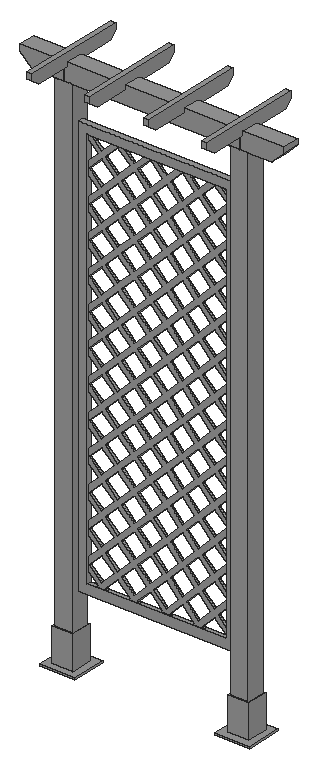
Revit family "14127 Шпалера «Ромб» Хоббика", category Антураж, Revit 2018
Family settings
  На основе рабочей плоскости = Нет
  Всегда вертикально = Да
  При загрузке вырезать с полостями = Нет
  Источник визуального образа = Геометрия семейства
  Общий = Нет
  Точка расчета площади = Нет
Parameters (values of type "Не окрашеная версия")
  Ширина = 600 mm  # constant formula
  Центральная перемычка [instance] = yes
  Цвет каркаса = Дерево
  Цвет закладных = Стель
  Правая оконцовка [instance] = yes
  Описание = if(Окрашивание, "Шпалера «Ромб». Окрашеная версия", "Шпалера «Ромб». Не окрашеная версия")  # "Шпалера «Ромб». Не окрашеная версия"
  Окрашивание = no
  Материал изделия = "Сталь, дерево"  # constant formula
  Левая оконцовка [instance] = yes
  Изображение типоразмера = Шпалера «Ромб» Арт 14127.jpg
  Изготовитель = "ООО «Хоббика»"  # constant formula
  Длина = 1000 mm  # constant formula
  Группа модели = "Перголы"  # constant formula
  Высота = 3150 mm  # constant formula
  Артикул товара = "Арт. 14127"  # constant formula
  URL = "https://hobbyka.ru/product/shpalera_romb/"
Types (3, lengths in mm): name | Цвет каркаса | Описание | Окрашивание
  (no name) | Дерево | "Шпалера «Ромб». Не окрашеная версия" | no
  Окрашеная версия | Покраска | "Шпалера «Ромб». Окрашеная версия" | yes
  Не окрашеная версия | Дерево | "Шпалера «Ромб». Не окрашеная версия" | no
Reference planes
  plane 1 "По центру (Вперед/Назад)": y = 0
  plane 2: z = 0
  plane 3 "По центру (Влево/Вправо)": x = 0
  plane 4: x = 1000
  plane 5: y = 300
  plane 6: y = -300
  plane 7: z = 3150
Forms (mm)
  Extrusion 1, solid, material "Дерево" <- "Цвет каркаса"
    sketch origin (0, 0, 0) x (1, 0, 0) y (0, 1, 0)
      loop
        line (-50, 50) -> (-50, -50) -> (50, -50) -> (50, 50) -> (-50, 50)
      loop
        line (950, 50) -> (950, -50) -> (1050, -50) -> (1050, 50) -> (950, 50)
    from 0 to 3000
  Sweep 2, solid, material "Стель" <- "Цвет закладных"
    path origin (0, 0, 0) x (1, 0, 0) y (0, 1, 0)
      loop
        line (-50, 50) -> (-50, -50) -> (50, -50) -> (50, 50) -> (-50, 50)
    profile origin (0, 50, 0) x (0, 1, 0) y (0, 0, 1)
      loop
        line (0, 0) -> (50, 0) -> (50, 10) -> (10, 10) -> (10, 200) -> (0, 200) -> (0, 0)
  Sweep 3, solid, material "Стель" <- "Цвет закладных"
    path origin (1000, 0, 0) x (1, 0, 0) y (0, 1, 0)
      loop
        line (-50, 50) -> (-50, -50) -> (50, -50) -> (50, 50) -> (-50, 50)
    profile origin (1000, 50, 0) x (0, 1, 0) y (0, 0, 1)
      loop
        line (0, 0) -> (50, 0) -> (50, 10) -> (10, 10) -> (10, 200) -> (0, 200) -> (0, 0)
  Extrusion 4, solid, material "Дерево" <- "Цвет каркаса", visible <- "Центральная перемычка"
    sketch origin (0, 0, -50) x (1, 0, 0) y (0, 0, 1)
      loop
        line (0, 3050) -> (1000, 3050) -> (1000, 3150) -> (0, 3150) -> (0, 3050)
    from -50 to 50
  Extrusion 5, solid, material "Дерево" <- "Цвет каркаса", visible <- "Центральная перемычка"
    sketch origin (0, 0, 0) x (0, 1, 0) y (0, 0, 1)
      loop
        line (300, 3150) -> (-300, 3150) -> (-300, 3112.5) -> (-246.444, 3075) -> (262.5, 3075) -> (300, 3112.5) -> (300, 3150)
    from 318.333 to 348.333
  Extrusion 6, solid, material "Дерево" <- "Цвет каркаса", visible <- "Центральная перемычка"
    sketch origin (0, 0, 0) x (0, 1, 0) y (0, 0, 1)
      loop
        line (300, 3150) -> (-300, 3150) -> (-300, 3112.5) -> (-246.444, 3075) -> (262.5, 3075) -> (300, 3112.5) -> (300, 3150)
    from 651.667 to 681.667
  Extrusion 7, solid, material "Дерево" <- "Цвет каркаса", visible <- "Центральная перемычка"
    sketch origin (0, 0, 0) x (0, 1, 0) y (0, 0, 1)
      loop
        line (300, 3150) -> (-300, 3150) -> (-300, 3112.5) -> (-246.444, 3075) -> (262.5, 3075) -> (300, 3112.5) -> (300, 3150)
    from -15 to 15
  Extrusion 8, solid, material "Дерево" <- "Цвет каркаса", visible <- "Центральная перемычка"
    sketch origin (0, 0, 0) x (0, 1, 0) y (0, 0, 1)
      loop
        line (300, 3150) -> (-300, 3150) -> (-300, 3112.5) -> (-246.444, 3075) -> (262.5, 3075) -> (300, 3112.5) -> (300, 3150)
    from 985 to 1015
  Extrusion 9, solid, material "Дерево" <- "Цвет каркаса", visible <- "Левая оконцовка"
    sketch origin (-1000, 0, -50) x (1, 0, 0) y (0, 0, 1)
      loop
        line (750, 3116.667) -> (816.667, 3050) -> (1000, 3050) -> (1000, 3150) -> (750, 3150) -> (750, 3116.667)
    from -50 to 50
  Extrusion 10, solid, material "Дерево" <- "Цвет каркаса", visible <- "Правая оконцовка"
    sketch origin (1000, 0, -50) x (1, 0, 0) y (0, 0, 1)
      loop
        line (0, 3050) -> (183.333, 3050) -> (250, 3116.667) -> (250, 3150) -> (0, 3150) -> (0, 3050)
    from -50 to 50
  Extrusion 11, solid, material "Дерево" <- "Цвет каркаса"
    sketch origin (0, 0, 0) x (1, 0, 0) y (0, 0, 1)
      loop
        line (50, 2800) -> (50, 400) -> (950, 400) -> (950, 2800) -> (50, 2800)
      loop
        line (100, 2750) -> (100, 450) -> (900, 450) -> (900, 2750) -> (100, 2750)
    from 15 to -15
  Extrusion 12, solid, material "Дерево" <- "Цвет каркаса"
    sketch origin (-4790, 0, 0) x (1, 0, 0) y (0, 0, 1)
      loop
        line (4890, 2750) -> (4890, 2723.787) -> (4949.497, 2664.289) -> (4890, 2604.792) -> (4890, 2539.939) -> (4949.497, 2480.442) -> (4890, 2420.944) -> (4890, 2356.091) -> (4949.497, 2296.594) -> (4890, 2237.096) -> (4890, 2172.244) -> (4949.497, 2112.746) -> (4890, 2053.249) -> (4890, 1988.396) -> (4949.497, 1928.898) -> (4890, 1869.401) -> (4890, 1804.548) -> (4949.497, 1745.051) -> (4890, 1685.553) -> (4890, 1620.7) -> (4949.497, 1561.203) -> (4890, 1501.705) -> (4890, 1436.852) -> (4949.497, 1377.355) -> (4890, 1317.858) -> (4890, 1253.005) -> (4949.497, 1193.507) -> (4890, 1134.01) -> (4890, 1069.157) -> (4949.497, 1009.659) -> (4890, 950.162) -> (4890, 885.309) -> (4949.497, 825.812) -> (4890, 766.314) -> (4890, 701.461) -> (4949.497, 641.964) -> (4890, 582.466) -> (4890, 517.614) -> (4949.497, 458.116) -> (4941.381, 450) -> (5000.04, 450) -> (4991.924, 458.116) -> (5062.635, 528.827) -> (5133.345, 458.116) -> (5125.229, 450) -> (5183.888, 450) -> (5175.772, 458.116) -> (5246.482, 528.827) -> (5317.193, 458.116) -> (5309.077, 450) -> (5367.736, 450) -> (5359.619, 458.116) -> (5430.33, 528.827) -> (5501.041, 458.116) -> (5492.925, 450) -> (5551.583, 450) -> (5543.467, 458.116) -> (5614.178, 528.827) -> (5684.889, 458.116) -> (5676.772, 450) -> (5690, 450) -> (5690, 495.431) -> (5635.391, 550.04) -> (5690, 604.649) -> (5690, 679.279) -> (5635.391, 733.888) -> (5690, 788.497) -> (5690, 863.127) -> (5635.391, 917.736) -> (5690, 972.345) -> (5690, 1046.974) -> (5635.391, 1101.583) -> (5690, 1156.192) -> (5690, 1230.822) -> (5635.391, 1285.431) -> (5690, 1340.04) -> (5690, 1414.67) -> (5635.391, 1469.279) -> (5690, 1523.888) -> (5690, 1598.518) -> (5635.391, 1653.127) -> (5690, 1707.736) -> (5690, 1782.365) -> (5635.391, 1836.974) -> (5690, 1891.583) -> (5690, 1966.213) -> (5635.391, 2020.822) -> (5690, 2075.431) -> (5690, 2150.061) -> (5635.391, 2204.67) -> (5690, 2259.279) -> (5690, 2333.909) -> (5635.391, 2388.518) -> (5690, 2443.127) -> (5690, 2517.756) -> (5635.391, 2572.365) -> (5690, 2626.974) -> (5690, 2701.604) -> (5641.604, 2750) -> (5586.751, 2750) -> (5522.254, 2685.503) -> (5457.756, 2750) -> (5402.904, 2750) -> (5338.406, 2685.503) -> (5273.909, 2750) -> (5219.056, 2750) -> (5154.558, 2685.503) -> (5090.061, 2750) -> (5035.208, 2750) -> (4970.711, 2685.503) -> (4906.213, 2750) -> (4890, 2750)
      loop
        line (4991.924, 2664.289) -> (5062.635, 2593.579) -> (5133.345, 2664.289) -> (5062.635, 2735) -> (4991.924, 2664.289)
      loop
        line (5175.772, 2664.289) -> (5246.482, 2593.579) -> (5317.193, 2664.289) -> (5246.482, 2735) -> (5175.772, 2664.289)
      loop
        line (5359.619, 2664.289) -> (5430.33, 2593.579) -> (5501.041, 2664.289) -> (5430.33, 2735) -> (5359.619, 2664.289)
      loop
        line (5543.467, 2664.289) -> (5614.178, 2593.579) -> (5684.889, 2664.289) -> (5614.178, 2735) -> (5543.467, 2664.289)
      loop
        line (5451.543, 2572.365) -> (5522.254, 2501.655) -> (5592.965, 2572.365) -> (5522.254, 2643.076) -> (5451.543, 2572.365)
      loop
        line (5267.696, 2572.365) -> (5338.406, 2501.655) -> (5409.117, 2572.365) -> (5338.406, 2643.076) -> (5267.696, 2572.365)
      loop
        line (5083.848, 2572.365) -> (5154.558, 2501.655) -> (5225.269, 2572.365) -> (5154.558, 2643.076) -> (5083.848, 2572.365)
      loop
        line (4900, 2572.365) -> (4970.711, 2501.655) -> (5041.421, 2572.365) -> (4970.711, 2643.076) -> (4900, 2572.365)
      loop
        line (4991.924, 2480.442) -> (5062.635, 2409.731) -> (5133.345, 2480.442) -> (5062.635, 2551.152) -> (4991.924, 2480.442)
      loop
        line (5175.772, 2480.442) -> (5246.482, 2409.731) -> (5317.193, 2480.442) -> (5246.482, 2551.152) -> (5175.772, 2480.442)
      loop
        line (5359.619, 2480.442) -> (5430.33, 2409.731) -> (5501.041, 2480.442) -> (5430.33, 2551.152) -> (5359.619, 2480.442)
      loop
        line (5543.467, 2480.442) -> (5614.178, 2409.731) -> (5684.889, 2480.442) -> (5614.178, 2551.152) -> (5543.467, 2480.442)
      loop
        line (5451.543, 2388.518) -> (5522.254, 2317.807) -> (5592.965, 2388.518) -> (5522.254, 2459.228) -> (5451.543, 2388.518)
      loop
        line (5267.696, 2388.518) -> (5338.406, 2317.807) -> (5409.117, 2388.518) -> (5338.406, 2459.228) -> (5267.696, 2388.518)
      loop
        line (5083.848, 2388.518) -> (5154.558, 2317.807) -> (5225.269, 2388.518) -> (5154.558, 2459.228) -> (5083.848, 2388.518)
      loop
        line (4900, 2388.518) -> (4970.711, 2317.807) -> (5041.421, 2388.518) -> (4970.711, 2459.228) -> (4900, 2388.518)
      loop
        line (4991.924, 2296.594) -> (5062.635, 2225.883) -> (5133.345, 2296.594) -> (5062.635, 2367.304) -> (4991.924, 2296.594)
      loop
        line (5175.772, 2296.594) -> (5246.482, 2225.883) -> (5317.193, 2296.594) -> (5246.482, 2367.304) -> (5175.772, 2296.594)
      loop
        line (5359.619, 2296.594) -> (5430.33, 2225.883) -> (5501.041, 2296.594) -> (5430.33, 2367.304) -> (5359.619, 2296.594)
      loop
        line (5543.467, 2296.594) -> (5614.178, 2225.883) -> (5684.889, 2296.594) -> (5614.178, 2367.304) -> (5543.467, 2296.594)
      loop
        line (5451.543, 2204.67) -> (5522.254, 2133.959) -> (5592.965, 2204.67) -> (5522.254, 2275.381) -> (5451.543, 2204.67)
      loop
        line (5267.696, 2204.67) -> (5338.406, 2133.959) -> (5409.117, 2204.67) -> (5338.406, 2275.381) -> (5267.696, 2204.67)
      loop
        line (5083.848, 2204.67) -> (5154.558, 2133.959) -> (5225.269, 2204.67) -> (5154.558, 2275.381) -> (5083.848, 2204.67)
      loop
        line (4900, 2204.67) -> (4970.711, 2133.959) -> (5041.421, 2204.67) -> (4970.711, 2275.381) -> (4900, 2204.67)
      loop
        line (4991.924, 2112.746) -> (5062.635, 2042.035) -> (5133.345, 2112.746) -> (5062.635, 2183.457) -> (4991.924, 2112.746)
      loop
        line (5175.772, 2112.746) -> (5246.482, 2042.035) -> (5317.193, 2112.746) -> (5246.482, 2183.457) -> (5175.772, 2112.746)
      loop
        line (5359.619, 2112.746) -> (5430.33, 2042.035) -> (5501.041, 2112.746) -> (5430.33, 2183.457) -> (5359.619, 2112.746)
      loop
        line (5543.467, 2112.746) -> (5614.178, 2042.035) -> (5684.889, 2112.746) -> (5614.178, 2183.457) -> (5543.467, 2112.746)
      loop
        line (5451.543, 2020.822) -> (5522.254, 1950.111) -> (5592.965, 2020.822) -> (5522.254, 2091.533) -> (5451.543, 2020.822)
      loop
        line (5267.696, 2020.822) -> (5338.406, 1950.111) -> (5409.117, 2020.822) -> (5338.406, 2091.533) -> (5267.696, 2020.822)
      loop
        line (5083.848, 2020.822) -> (5154.558, 1950.111) -> (5225.269, 2020.822) -> (5154.558, 2091.533) -> (5083.848, 2020.822)
      loop
        line (4900, 2020.822) -> (4970.711, 1950.111) -> (5041.421, 2020.822) -> (4970.711, 2091.533) -> (4900, 2020.822)
      loop
        line (4991.924, 1928.898) -> (5062.635, 1858.188) -> (5133.345, 1928.898) -> (5062.635, 1999.609) -> (4991.924, 1928.898)
      loop
        line (5175.772, 1928.898) -> (5246.482, 1858.188) -> (5317.193, 1928.898) -> (5246.482, 1999.609) -> (5175.772, 1928.898)
      loop
        line (5359.619, 1928.898) -> (5430.33, 1858.188) -> (5501.041, 1928.898) -> (5430.33, 1999.609) -> (5359.619, 1928.898)
      loop
        line (5543.467, 1928.898) -> (5614.178, 1858.188) -> (5684.889, 1928.898) -> (5614.178, 1999.609) -> (5543.467, 1928.898)
      loop
        line (5451.543, 1836.974) -> (5522.254, 1766.264) -> (5592.965, 1836.974) -> (5522.254, 1907.685) -> (5451.543, 1836.974)
      loop
        line (5267.696, 1836.974) -> (5338.406, 1766.264) -> (5409.117, 1836.974) -> (5338.406, 1907.685) -> (5267.696, 1836.974)
      loop
        line (5083.848, 1836.974) -> (5154.558, 1766.264) -> (5225.269, 1836.974) -> (5154.558, 1907.685) -> (5083.848, 1836.974)
      loop
        line (4900, 1836.974) -> (4970.711, 1766.264) -> (5041.421, 1836.974) -> (4970.711, 1907.685) -> (4900, 1836.974)
      loop
        line (4991.924, 1745.051) -> (5062.635, 1674.34) -> (5133.345, 1745.051) -> (5062.635, 1815.761) -> (4991.924, 1745.051)
      loop
        line (5175.772, 1745.051) -> (5246.482, 1674.34) -> (5317.193, 1745.051) -> (5246.482, 1815.761) -> (5175.772, 1745.051)
      loop
        line (5359.619, 1745.051) -> (5430.33, 1674.34) -> (5501.041, 1745.051) -> (5430.33, 1815.761) -> (5359.619, 1745.051)
      loop
        line (5543.467, 1745.051) -> (5614.178, 1674.34) -> (5684.889, 1745.051) -> (5614.178, 1815.761) -> (5543.467, 1745.051)
      loop
        line (5451.543, 1653.127) -> (5522.254, 1582.416) -> (5592.965, 1653.127) -> (5522.254, 1723.837) -> (5451.543, 1653.127)
      loop
        line (5267.696, 1653.127) -> (5338.406, 1582.416) -> (5409.117, 1653.127) -> (5338.406, 1723.837) -> (5267.696, 1653.127)
      loop
        line (5083.848, 1653.127) -> (5154.558, 1582.416) -> (5225.269, 1653.127) -> (5154.558, 1723.837) -> (5083.848, 1653.127)
      loop
        line (4900, 1653.127) -> (4970.711, 1582.416) -> (5041.421, 1653.127) -> (4970.711, 1723.837) -> (4900, 1653.127)
      loop
        line (4991.924, 1561.203) -> (5062.635, 1490.492) -> (5133.345, 1561.203) -> (5062.635, 1631.913) -> (4991.924, 1561.203)
      loop
        line (5175.772, 1561.203) -> (5246.482, 1490.492) -> (5317.193, 1561.203) -> (5246.482, 1631.913) -> (5175.772, 1561.203)
      loop
        line (5359.619, 1561.203) -> (5430.33, 1490.492) -> (5501.041, 1561.203) -> (5430.33, 1631.913) -> (5359.619, 1561.203)
      loop
        line (5543.467, 1561.203) -> (5614.178, 1490.492) -> (5684.889, 1561.203) -> (5614.178, 1631.913) -> (5543.467, 1561.203)
      loop
        line (5451.543, 1469.279) -> (5522.254, 1398.568) -> (5592.965, 1469.279) -> (5522.254, 1539.99) -> (5451.543, 1469.279)
      loop
        line (5267.696, 1469.279) -> (5338.406, 1398.568) -> (5409.117, 1469.279) -> (5338.406, 1539.99) -> (5267.696, 1469.279)
      loop
        line (5083.848, 1469.279) -> (5154.558, 1398.568) -> (5225.269, 1469.279) -> (5154.558, 1539.99) -> (5083.848, 1469.279)
      loop
        line (4900, 1469.279) -> (4970.711, 1398.568) -> (5041.421, 1469.279) -> (4970.711, 1539.99) -> (4900, 1469.279)
      loop
        line (4991.924, 1377.355) -> (5062.635, 1306.644) -> (5133.345, 1377.355) -> (5062.635, 1448.066) -> (4991.924, 1377.355)
      loop
        line (5175.772, 1377.355) -> (5246.482, 1306.644) -> (5317.193, 1377.355) -> (5246.482, 1448.066) -> (5175.772, 1377.355)
      loop
        line (5359.619, 1377.355) -> (5430.33, 1306.644) -> (5501.041, 1377.355) -> (5430.33, 1448.066) -> (5359.619, 1377.355)
      loop
        line (5543.467, 1377.355) -> (5614.178, 1306.644) -> (5684.889, 1377.355) -> (5614.178, 1448.066) -> (5543.467, 1377.355)
      loop
        line (5451.543, 1285.431) -> (5522.254, 1214.72) -> (5592.965, 1285.431) -> (5522.254, 1356.142) -> (5451.543, 1285.431)
      loop
        line (5267.696, 1285.431) -> (5338.406, 1214.72) -> (5409.117, 1285.431) -> (5338.406, 1356.142) -> (5267.696, 1285.431)
      loop
        line (5083.848, 1285.431) -> (5154.558, 1214.72) -> (5225.269, 1285.431) -> (5154.558, 1356.142) -> (5083.848, 1285.431)
      loop
        line (4900, 1285.431) -> (4970.711, 1214.72) -> (5041.421, 1285.431) -> (4970.711, 1356.142) -> (4900, 1285.431)
      loop
        line (4991.924, 1193.507) -> (5062.635, 1122.797) -> (5133.345, 1193.507) -> (5062.635, 1264.218) -> (4991.924, 1193.507)
      loop
        line (5175.772, 1193.507) -> (5246.482, 1122.797) -> (5317.193, 1193.507) -> (5246.482, 1264.218) -> (5175.772, 1193.507)
      loop
        line (5359.619, 1193.507) -> (5430.33, 1122.797) -> (5501.041, 1193.507) -> (5430.33, 1264.218) -> (5359.619, 1193.507)
      loop
        line (5543.467, 1193.507) -> (5614.178, 1122.797) -> (5684.889, 1193.507) -> (5614.178, 1264.218) -> (5543.467, 1193.507)
      loop
        line (5451.543, 1101.583) -> (5522.254, 1030.873) -> (5592.965, 1101.583) -> (5522.254, 1172.294) -> (5451.543, 1101.583)
      loop
        line (5267.696, 1101.583) -> (5338.406, 1030.873) -> (5409.117, 1101.583) -> (5338.406, 1172.294) -> (5267.696, 1101.583)
      loop
        line (5083.848, 1101.583) -> (5154.558, 1030.873) -> (5225.269, 1101.583) -> (5154.558, 1172.294) -> (5083.848, 1101.583)
      loop
        line (4900, 1101.583) -> (4970.711, 1030.873) -> (5041.421, 1101.583) -> (4970.711, 1172.294) -> (4900, 1101.583)
      loop
        line (4991.924, 1009.659) -> (5062.635, 938.949) -> (5133.345, 1009.659) -> (5062.635, 1080.37) -> (4991.924, 1009.659)
      loop
        line (5175.772, 1009.659) -> (5246.482, 938.949) -> (5317.193, 1009.659) -> (5246.482, 1080.37) -> (5175.772, 1009.659)
      loop
        line (5359.619, 1009.659) -> (5430.33, 938.949) -> (5501.041, 1009.659) -> (5430.33, 1080.37) -> (5359.619, 1009.659)
      loop
        line (5543.467, 1009.659) -> (5614.178, 938.949) -> (5684.889, 1009.659) -> (5614.178, 1080.37) -> (5543.467, 1009.659)
      loop
        line (5451.543, 917.736) -> (5522.254, 847.025) -> (5592.965, 917.736) -> (5522.254, 988.446) -> (5451.543, 917.736)
      loop
        line (5267.696, 917.736) -> (5338.406, 847.025) -> (5409.117, 917.736) -> (5338.406, 988.446) -> (5267.696, 917.736)
      loop
        line (5083.848, 917.736) -> (5154.558, 847.025) -> (5225.269, 917.736) -> (5154.558, 988.446) -> (5083.848, 917.736)
      loop
        line (4900, 917.736) -> (4970.711, 847.025) -> (5041.421, 917.736) -> (4970.711, 988.446) -> (4900, 917.736)
      loop
        line (4991.924, 825.812) -> (5062.635, 755.101) -> (5133.345, 825.812) -> (5062.635, 896.522) -> (4991.924, 825.812)
      loop
        line (5175.772, 825.812) -> (5246.482, 755.101) -> (5317.193, 825.812) -> (5246.482, 896.522) -> (5175.772, 825.812)
      loop
        line (5359.619, 825.812) -> (5430.33, 755.101) -> (5501.041, 825.812) -> (5430.33, 896.522) -> (5359.619, 825.812)
      loop
        line (5543.467, 825.812) -> (5614.178, 755.101) -> (5684.889, 825.812) -> (5614.178, 896.522) -> (5543.467, 825.812)
      loop
        line (5451.543, 733.888) -> (5522.254, 663.177) -> (5592.965, 733.888) -> (5522.254, 804.598) -> (5451.543, 733.888)
      loop
        line (5267.696, 733.888) -> (5338.406, 663.177) -> (5409.117, 733.888) -> (5338.406, 804.598) -> (5267.696, 733.888)
      loop
        line (5083.848, 733.888) -> (5154.558, 663.177) -> (5225.269, 733.888) -> (5154.558, 804.598) -> (5083.848, 733.888)
      loop
        line (4900, 733.888) -> (4970.711, 663.177) -> (5041.421, 733.888) -> (4970.711, 804.598) -> (4900, 733.888)
      loop
        line (4991.924, 641.964) -> (5062.635, 571.253) -> (5133.345, 641.964) -> (5062.635, 712.675) -> (4991.924, 641.964)
      loop
        line (5175.772, 641.964) -> (5246.482, 571.253) -> (5317.193, 641.964) -> (5246.482, 712.675) -> (5175.772, 641.964)
      loop
        line (5359.619, 641.964) -> (5430.33, 571.253) -> (5501.041, 641.964) -> (5430.33, 712.675) -> (5359.619, 641.964)
      loop
        line (5543.467, 641.964) -> (5614.178, 571.253) -> (5684.889, 641.964) -> (5614.178, 712.675) -> (5543.467, 641.964)
      loop
        line (5451.543, 550.04) -> (5522.254, 479.329) -> (5592.965, 550.04) -> (5522.254, 620.751) -> (5451.543, 550.04)
      loop
        line (5267.696, 550.04) -> (5338.406, 479.329) -> (5409.117, 550.04) -> (5338.406, 620.751) -> (5267.696, 550.04)
      loop
        line (5083.848, 550.04) -> (5154.558, 479.329) -> (5225.269, 550.04) -> (5154.558, 620.751) -> (5083.848, 550.04)
      loop
        line (4900, 550.04) -> (4970.711, 479.329) -> (5041.421, 550.04) -> (4970.711, 620.751) -> (4900, 550.04)
    from 5 to -5
Cuts and joins
  joined: Extrusion 4, Extrusion 5, Extrusion 6, Extrusion 7, Extrusion 8
Dimensions and locks
  equal spacing: plane 5, plane 1 "По центру (Вперед/Назад)", plane 6
  "Ширина": plane 5 to plane 6
  "Длина": plane 3 "По центру (Влево/Вправо)" to plane 4
  "Высота": plane 7 to plane 2
  aligned and locked: level to plane 2
Automatic sketch dimensions
  Extrusion 1 sketch curve to plane 3 "По центру (Влево/Вправо)" = 50 mm
  plane 3 "По центру (Влево/Вправо)" to Extrusion 1 sketch curve = 50 mm
  Extrusion 1 sketch curve to plane 4 = 50 mm
  plane 4 to Extrusion 1 sketch curve = 50 mm
  plane 1 "По центру (Вперед/Назад)" to Extrusion 1 sketch curve = 50 mm  (x2)
  Extrusion 1 sketch curve to plane 1 "По центру (Вперед/Назад)" = 50 mm  (x2)
  Sweep 2 sketch curve to plane 3 "По центру (Влево/Вправо)" = 50 mm
  plane 3 "По центру (Влево/Вправо)" to Sweep 2 sketch curve = 50 mm
  plane 1 "По центру (Вперед/Назад)" to Sweep 2 sketch curve = 50 mm
  Sweep 2 sketch curve to plane 1 "По центру (Вперед/Назад)" = 50 mm
  Sweep 2 sketch curve to level = 0 mm
  Sweep 2 sketch curve to profile plane = 0 mm
  Sweep 2 sketch curve to profile plane = 10 mm
  Sweep 2 sketch curve to Sweep 2 sketch curve = 40 mm
  level to Sweep 2 sketch curve = 10 mm
  Sweep 2 sketch curve to Sweep 2 sketch curve = 190 mm
  Sweep 3 sketch curve to plane 4 = 50 mm
  plane 4 to Sweep 3 sketch curve = 50 mm
  plane 1 "По центру (Вперед/Назад)" to Sweep 3 sketch curve = 50 mm
  Sweep 3 sketch curve to plane 1 "По центру (Вперед/Назад)" = 50 mm
  Sweep 3 sketch curve to level = 0 mm
  Sweep 3 sketch curve to profile plane = 0 mm
  Sweep 3 sketch curve to profile plane = 10 mm
  Sweep 3 sketch curve to Sweep 3 sketch curve = 40 mm
  level to Sweep 3 sketch curve = 10 mm
  Sweep 3 sketch curve to Sweep 3 sketch curve = 190 mm
  Extrusion 4 sketch curve to plane 3 "По центру (Влево/Вправо)" = 0 mm
  Extrusion 4 sketch curve to plane 4 = 0 mm
  Extrusion 4 sketch curve to plane 7 = 150 mm
  Extrusion 4 sketch curve to plane 7 = 50 mm
  Extrusion 5 sketch curve to plane 6 = 0 mm
  Extrusion 5 sketch curve to plane 5 = 0 mm
  Extrusion 5 sketch curve to plane 7 = 0 mm
  plane 6 to Extrusion 5 sketch curve = 53.556 mm
  Extrusion 5 sketch curve to plane 5 = 37.5 mm
  Extrusion 5 sketch curve to Extrusion 5 sketch curve = 37.5 mm  (x3)
  Extrusion 6 sketch curve to plane 6 = 0 mm
  Extrusion 6 sketch curve to plane 5 = 0 mm
  Extrusion 6 sketch curve to plane 7 = 0 mm
  plane 6 to Extrusion 6 sketch curve = 53.556 mm
  Extrusion 6 sketch curve to plane 5 = 37.5 mm
  Extrusion 6 sketch curve to Extrusion 6 sketch curve = 37.5 mm  (x3)
  Extrusion 7 sketch curve to plane 6 = 0 mm
  Extrusion 7 sketch curve to plane 5 = 0 mm
  Extrusion 7 sketch curve to plane 7 = 0 mm
  plane 6 to Extrusion 7 sketch curve = 53.556 mm
  Extrusion 7 sketch curve to plane 5 = 37.5 mm
  Extrusion 7 sketch curve to Extrusion 7 sketch curve = 37.5 mm  (x3)
  Extrusion 8 sketch curve to plane 6 = 0 mm
  Extrusion 8 sketch curve to plane 5 = 0 mm
  Extrusion 8 sketch curve to plane 7 = 0 mm
  plane 6 to Extrusion 8 sketch curve = 53.556 mm
  Extrusion 8 sketch curve to plane 5 = 37.5 mm
  Extrusion 8 sketch curve to Extrusion 8 sketch curve = 37.5 mm  (x3)
  Extrusion 9 sketch curve to plane 3 "По центру (Влево/Вправо)" = 0 mm
  Extrusion 9 sketch curve to plane 3 "По центру (Влево/Вправо)" = 183.333 mm
  Extrusion 9 sketch curve to Extrusion 9 sketch curve = 66.667 mm
  Extrusion 9 sketch curve to plane 7 = 150 mm
  Extrusion 9 sketch curve to plane 7 = 83.333 mm
  Extrusion 9 sketch curve to Extrusion 9 sketch curve = 33.333 mm
  Extrusion 10 sketch curve to plane 4 = 0 mm
  plane 4 to Extrusion 10 sketch curve = 183.333 mm
  Extrusion 10 sketch curve to plane 7 = 50 mm
  Extrusion 10 sketch curve to Extrusion 10 sketch curve = 66.667 mm  (x2)
  Extrusion 10 sketch curve to Extrusion 10 sketch curve = 33.333 mm
  plane 3 "По центру (Влево/Вправо)" to Extrusion 11 sketch curve = 50 mm
  Extrusion 11 sketch curve to Extrusion 11 sketch curve = 50 mm  (x3)
  Extrusion 11 sketch curve to plane 4 = 100 mm
  Extrusion 11 sketch curve to plane 4 = 50 mm
  level to Extrusion 11 sketch curve = 400 mm
  Extrusion 11 sketch curve to plane 7 = 400 mm
  Extrusion 12 sketch curve to plane 7 = 400 mm  (x5)
  Extrusion 12 sketch curve to plane 4 = 900 mm
  Extrusion 12 sketch curve to plane 7 = 610.061 mm
  Extrusion 12 sketch curve to Extrusion 12 sketch curve = 0 mm  (x10)
  Extrusion 12 sketch curve to Extrusion 12 sketch curve = 10 mm  (x14)
  Extrusion 12 sketch curve to plane 7 = 1161.604 mm
  Extrusion 12 sketch curve to plane 7 = 577.635 mm  (x5)
  Extrusion 12 sketch curve to plane 7 = 1313.026 mm  (x5)
  Extrusion 12 sketch curve to plane 7 = 1345.452 mm
  level to Extrusion 12 sketch curve = 550.04 mm  (x5)
  level to Extrusion 12 sketch curve = 1101.583 mm  (x4)
  level to Extrusion 12 sketch curve = 917.736 mm  (x5)
  Extrusion 12 sketch curve to plane 7 = 1496.873 mm  (x5)
  Extrusion 12 sketch curve to plane 7 = 1529.3 mm
  level to Extrusion 12 sketch curve = 1469.279 mm  (x5)
  level to Extrusion 12 sketch curve = 1436.852 mm
  level to Extrusion 12 sketch curve = 733.888 mm  (x5)
  level to Extrusion 12 sketch curve = 1285.431 mm  (x5)
  Extrusion 12 sketch curve to plane 7 = 761.482 mm  (x5)
  Extrusion 12 sketch curve to Extrusion 12 sketch curve = 16.213 mm
  Extrusion 12 sketch curve to Extrusion 12 sketch curve = 51.381 mm
  level to Extrusion 12 sketch curve = 641.964 mm  (x4)
  Extrusion 12 sketch curve to Extrusion 12 sketch curve = 59.497 mm  (x12)
  level to Extrusion 12 sketch curve = 1377.355 mm  (x5)
  level to Extrusion 12 sketch curve = 1561.203 mm  (x4)
  Extrusion 12 sketch curve to plane 7 = 1037.254 mm  (x5)
  level to Extrusion 12 sketch curve = 825.812 mm  (x4)
  Extrusion 12 sketch curve to plane 7 = 853.406 mm  (x4)
  level to Extrusion 12 sketch curve = 1193.507 mm  (x5)
  Extrusion 12 sketch curve to plane 7 = 485.711 mm  (x5)
  Extrusion 12 sketch curve to Extrusion 12 sketch curve = 8.116 mm  (x6)
  level to Extrusion 12 sketch curve = 1009.659 mm  (x5)
  Extrusion 12 sketch curve to plane 7 = 1404.949 mm  (x5)
  Extrusion 12 sketch curve to plane 7 = 1221.102 mm  (x5)
  Extrusion 12 sketch curve to plane 7 = 669.558 mm  (x5)
  level to Extrusion 12 sketch curve = 988.446 mm  (x4)
  Extrusion 12 sketch curve to Extrusion 12 sketch curve = 21.213 mm  (x205)
  Extrusion 12 sketch curve to plane 7 = 1058.467 mm  (x4)
  level to Extrusion 12 sketch curve = 847.025 mm  (x4)
  Extrusion 12 sketch curve to plane 7 = 648.345 mm  (x4)
  Extrusion 12 sketch curve to plane 7 = 1199.889 mm  (x4)
  Extrusion 12 sketch curve to plane 7 = 464.497 mm  (x4)
  Extrusion 12 sketch curve to plane 7 = 1242.315 mm  (x4)
  Extrusion 12 sketch curve to plane 7 = 1383.736 mm  (x2)
  level to Extrusion 12 sketch curve = 479.329 mm  (x4)
  Extrusion 12 sketch curve to plane 7 = 874.619 mm  (x4)
  Extrusion 12 sketch curve to plane 7 = 1426.163 mm  (x4)
  Extrusion 12 sketch curve to plane 7 = 1567.584 mm  (x2)
  Extrusion 12 sketch curve to plane 7 = 506.924 mm  (x4)
  level to Extrusion 12 sketch curve = 1030.873 mm  (x4)
  level to Extrusion 12 sketch curve = 1398.568 mm  (x4)
  level to Extrusion 12 sketch curve = 663.177 mm  (x4)
  level to Extrusion 12 sketch curve = 804.598 mm  (x4)
  level to Extrusion 12 sketch curve = 1356.142 mm  (x4)
  Extrusion 12 sketch curve to plane 7 = 832.193 mm  (x4)
  Extrusion 12 sketch curve to plane 7 = 690.772 mm  (x4)
  level to Extrusion 12 sketch curve = 1214.72 mm  (x4)
  level to Extrusion 12 sketch curve = 458.116 mm  (x6)
  level to Extrusion 12 sketch curve = 450 mm  (x4)
  level to Extrusion 12 sketch curve = 571.253 mm  (x4)
  level to Extrusion 12 sketch curve = 712.675 mm  (x3)
  level to Extrusion 12 sketch curve = 1448.066 mm  (x4)
  Extrusion 12 sketch curve to plane 7 = 740.269 mm  (x3)
  Extrusion 12 sketch curve to plane 7 = 1291.812 mm  (x3)
  level to Extrusion 12 sketch curve = 1306.644 mm  (x4)
  level to Extrusion 12 sketch curve = 1490.492 mm  (x4)
  Extrusion 12 sketch curve to plane 7 = 924.117 mm  (x4)
  level to Extrusion 12 sketch curve = 528.827 mm  (x3)
  Extrusion 12 sketch curve to plane 7 = 1150.391 mm  (x4)
  Extrusion 12 sketch curve to plane 7 = 782.696 mm  (x4)
  Extrusion 12 sketch curve to plane 7 = 556.421 mm  (x4)
  level to Extrusion 12 sketch curve = 1122.797 mm  (x4)
  Extrusion 12 sketch curve to plane 7 = 598.848 mm  (x4)
  Extrusion 12 sketch curve to plane 7 = 1334.239 mm  (x4)
  Extrusion 12 sketch curve to plane 7 = 1107.965 mm  (x4)
  Extrusion 12 sketch curve to plane 7 = 966.543 mm  (x4)
  level to Extrusion 12 sketch curve = 938.949 mm  (x4)
  level to Extrusion 12 sketch curve = 1264.218 mm  (x4)
  level to Extrusion 12 sketch curve = 755.101 mm  (x4)
  Extrusion 12 sketch curve to plane 7 = 1475.66 mm  (x3)
  Extrusion 12 sketch curve to plane 7 = 415 mm  (x4)
  Extrusion 12 sketch curve to plane 7 = 1129.178 mm  (x4)
  Extrusion 12 sketch curve to plane 7 = 945.33 mm  (x4)
  Extrusion 12 sketch curve to Extrusion 12 sketch curve = 27.426 mm  (x5)
  Extrusion 12 sketch curve to Extrusion 12 sketch curve = 62.595 mm  (x3)
  level to Extrusion 12 sketch curve = 620.751 mm  (x3)
  Extrusion 12 sketch curve to plane 7 = 1016.041 mm  (x3)
  level to Extrusion 12 sketch curve = 1172.294 mm  (x3)
  Extrusion 12 sketch curve to plane 7 = 1518.087 mm  (x3)
  level to Extrusion 12 sketch curve = 1080.37 mm  (x3)
  level to Extrusion 12 sketch curve = 896.522 mm  (x3)
  level to Extrusion 12 sketch curve = 1539.99 mm
  Extrusion 12 sketch curve to Extrusion 12 sketch curve = 5.111 mm  (x11)
  level to Extrusion 12 sketch curve = 1523.888 mm
  Extrusion 12 sketch curve to plane 7 = 890.721 mm
  level to Extrusion 12 sketch curve = 1340.04 mm
  Extrusion 12 sketch curve to Extrusion 12 sketch curve = 32.426 mm
  Extrusion 12 sketch curve to Extrusion 12 sketch curve = 146.533 mm
  Extrusion 12 sketch curve to Extrusion 12 sketch curve = 151.421 mm  (x4)
  Extrusion 12 sketch curve to Extrusion 12 sketch curve = 37.315 mm  (x7)
  Extrusion 12 sketch curve to Extrusion 12 sketch curve = 26.213 mm
  Extrusion 12 sketch curve to Extrusion 12 sketch curve = 67.614 mm
  Extrusion 12 sketch curve to Extrusion 12 sketch curve = 48.396 mm
  level to Extrusion 12 sketch curve = 604.649 mm
  level to Extrusion 12 sketch curve = 495.431 mm
  level to Extrusion 12 sketch curve = 679.279 mm
  level to Extrusion 12 sketch curve = 863.127 mm
  level to Extrusion 12 sketch curve = 1046.974 mm
  level to Extrusion 12 sketch curve = 1156.192 mm
  level to Extrusion 12 sketch curve = 1230.822 mm
  level to Extrusion 12 sketch curve = 1414.67 mm
  Extrusion 12 sketch curve to plane 7 = 1551.482 mm
  Extrusion 12 sketch curve to plane 7 = 1442.264 mm
  Extrusion 12 sketch curve to plane 7 = 1367.635 mm
  Extrusion 12 sketch curve to plane 7 = 1258.417 mm
  Extrusion 12 sketch curve to plane 7 = 1183.787 mm
  Extrusion 12 sketch curve to plane 7 = 1074.569 mm
  Extrusion 12 sketch curve to plane 7 = 999.939 mm
  Extrusion 12 sketch curve to plane 7 = 632.244 mm
  Extrusion 12 sketch curve to plane 7 = 523.026 mm
  Extrusion 12 sketch curve to plane 7 = 793.909 mm
  Extrusion 12 sketch curve to plane 7 = 1096.751 mm
  Extrusion 12 sketch curve to Extrusion 12 sketch curve = 193.848 mm
  Extrusion 12 sketch curve to Extrusion 12 sketch curve = 80.711 mm
  level to Extrusion 12 sketch curve = 766.314 mm
